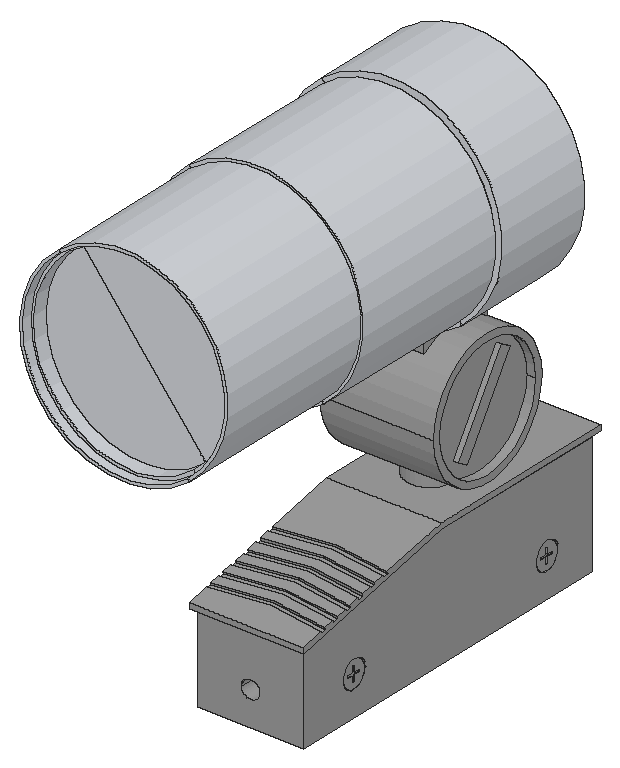
Revit family "TUBE GARDEN_JM6SW.1.36", category Luminarias, Revit 2019
Family settings
  Cota de conector redondo = Diámetro de uso
  Tipo de pieza = Normal
  Se basa en plano de trabajo = Sí
  Siempre vertical = No
  Corte con vacíos al cargar = No
  Origen de luz = Sí
  Compartido = No
  Punto de cálculo de habitación = No
Parameters (values of type "TUBE GARDEN_JM6SW.1.36")
  Ángulo de inclinación = 60.00°
  Zone [instance] = ""
  Watt per fixture = 7.4
  Wattage = 7.4 W
  built-in parameter 1150107 = 3000 (stored number, unit not read)
  built-in parameter 1150110 = 1 (stored number, unit not read)
  built-in parameter 1150109 = 1 (stored number, unit not read)
  built-in parameter 1150112 = 1 (stored number, unit not read)
  built-in parameter 1150113 = 1 (stored number, unit not read)
  built-in parameter 1114218 = 1 (stored number, unit not read)
  Keynote = ""
  built-in parameter 1150137 = (empty or 0)
  built-in parameter 1150132 = (empty or 0)
  Modelo = "JM6SW.1.36"
  Lámpara = "NICHIA"
  built-in parameter 1150105 = 46.892 (stored number, unit not read)
  built-in parameter 1150102 = (empty or 0)
  built-in parameter 1150106 = 0.46892 (stored number, unit not read)
  Lumens = 589.262 lm
  Color Filter = 16777215
  built-in parameter 1114217 = 1 (stored number, unit not read)
  built-in parameter 1150139 = (empty or 0)
  Fabricante = "BRILLANT"
  Default Elevation = 0 mm
  built-in parameter 1150104 = 7.3979 (stored number, unit not read)
  Descripción = "LUMINARIA DE JARDIN DIRIGIBLE CON DIFERENTES TIPOS DE SUJECION, CUERPO DE ALUMINIO FUNDIDO A PRESION CUBIERTO CON POLVO GRIS OSCURO Y VIDRIO TEMPLADO DE 4MM CON UN PESO DE 1KG, USO PARA INTERIORES Y EXTERIORES IP 66, 1 LED TIPO NICHIA CON UNA POTENCIA DE 7.4W, IRC 80, 593 LUMENES, TEMPERATURA EN BLANCO CALIDO 3000K, EFICIENCIA DE 79.63 LM/W, APERTURA DE 36 GRADOS POR PROYECTO, CABLE DE 1.9M H05RN-F, ALIMENTADO A 100-240V."
  built-in parameter 1150115 = 1 (stored number, unit not read)
  built-in parameter 1150114 = 1 (stored number, unit not read)
  Comentarios de vataje = "100-240V"
  built-in parameter 1150138 = (empty or 0)
  built-in parameter 1150134 = (empty or 0)
  Circuit [instance] = ""
  Dimming Lamp Color Temperature Shift = (empty or 0)
  Archivo de red fotométrica = "JM6SW.1_32º.ies"
  built-in parameter 1150133 = 10 (stored number, unit not read)
Reference planes
  plane 1 "Centro (Frontal/Posterior)": y = 0
  plane 2: z = 0
  plane 3 "Centro (Izquierda/Derecha)": x = 0
  plane 4: y = -61.917
  plane 5: y = 38.083
  plane 6: z = 35
  plane 7: z = 136
Forms (mm)
  Extrusion 1, solid, material "Aluminio"
    sketch origin (39.88, 0, 33.686) x (0, 0, 1) y (0, -1, 0)
      loop
        line (-33.825, 60.622) -> (-33.825, -36.369) -> (-1.361, -36.369) -> (-1.361, 15.603) -> (-10.93, 60.622) -> (-33.825, 60.622)
    from -54.278 to -25.483
  Revolve 2, solid
    sketch origin (61.33, -20.719, 30.253) x (-0.62932, 0, 0.777146) y (0, -1, 0)
      loop
        line (127.437, -35.031) -> (127.437, -7.435) -> (125.35, -7.435) -> (125.35, -6.354) -> (126.375, -6.354) -> (126.375, 38.021) -> (125.575, 38.021) -> (125.575, 82.636) -> (124.775, 82.636) -> (124.775, 79.943) -> (123.963, 79.943) -> (123.963, 75.975) -> (97.455, 75.975) -> (97.455, -36.864) -> (125.35, -36.864) -> (125.35, -35.031) -> (127.437, -35.031)
      axis (97.455, -36.864) -> (97.455, 82.636)
    angle from 0 to 360
  Extrusion 3, solid, material "Aluminio"
    sketch origin (0.356, 0, 14.678) x (0, 0, 1) y (0, -1, 0)
      loop
        circle (41.155, 0) r 18.092
      loop
        circle (41.155, 0) r 16.339
    from -15.819 to 15
  Extrusion 4, solid, material "Aluminio"
    sketch origin (0.356, 0, 14.678) x (0, 0, 1) y (0, -1, 0)
      loop
        circle (41.155, 0) r 16.339
    from -12.926 to 12.368
  Extrusion 5, solid, material "Aluminio"
    sketch origin (0.356, 0, 14.678) x (0, 0, 1) y (0, -1, 0)
      loop
        line (53.596, -5.944) -> (31.281, 8.548) -> (29.59, 5.944) -> (51.905, -8.548) -> (53.596, -5.944)
    from 12.368 to 14.042
  Extrusion 6, solid, material "Aluminio"
    sketch origin (-0.356, 0, 14.678) x (0, 0, 1) y (0, 1, 0)
      loop
        line (53.596, 5.944) -> (51.905, 8.548) -> (29.59, -5.944) -> (31.281, -8.548) -> (53.596, 5.944)
    from 12.368 to 14.042
  Extrusion 7, solid, material "Aluminio"
    sketch origin (-8.138, 0, 16.682) x (0, 0, 1) y (0, -1, 0)
      loop
        line (61.699, 10.674) -> (53.75, 10.674)
        arc (53.75, 10.674) -> (57.104, 0.102) -> (53.75, -10.47) r 18.336
        line (53.75, -10.47) -> (61.699, -10.47) -> (61.699, 10.674)
    from 1.534 to 14.765
  Extrusion 8, solid, material "Aluminio"
    sketch origin (0, 0, 0) x (1, 0, 0) y (0, 1, 0)
      loop
        circle (0, 0) r 6.607
    from 35 to 39.074
  Extrusion 9, solid, material "Aluminio"
    sketch origin (39.88, 0.947, 34.633) x (0, 0, 1) y (0, -1, 0)
      loop
        line (-1.133, -37.136) -> (0.367, -37.136) -> (0.367, 16.522) -> (-9.484, 62.864) -> (-10.984, 62.864) -> (-1.133, 16.522) -> (-1.133, -37.136)
    from -55.344 to -24.525
  Extrusion 10, void
    sketch origin (0, 1.025, 6.176) x (1, 0, 0) y (0, 0.978012, 0.208547)
      loop
        line (-21.529, -31.26) -> (0, -28.617) -> (21.507, -31.257) -> (21.507, -29.746) -> (0, -27.105) -> (-21.529, -29.749) -> (-21.529, -31.26)
    from 31.104 to 32.437
  Extrusion 11, void
    sketch origin (0, -3.127, 5.294) x (1, 0, 0) y (0, 0.978012, 0.208547)
      loop
        line (-21.529, -31.26) -> (0, -28.617) -> (21.507, -31.257) -> (21.507, -29.746) -> (0, -27.105) -> (-21.529, -29.749) -> (-21.529, -31.26)
    from 31.104 to 32.437
  Extrusion 12, void
    sketch origin (0, -7.292, 4.406) x (1, 0, 0) y (0, 0.978012, 0.208547)
      loop
        line (-21.529, -31.26) -> (0, -28.617) -> (21.507, -31.257) -> (21.507, -29.746) -> (0, -27.105) -> (-21.529, -29.749) -> (-21.529, -31.26)
    from 31.104 to 32.437
  Extrusion 13, void
    sketch origin (0, -11.443, 3.52) x (1, 0, 0) y (0, 0.978012, 0.208547)
      loop
        line (-21.529, -31.26) -> (0, -28.617) -> (21.507, -31.257) -> (21.507, -29.746) -> (0, -27.105) -> (-21.529, -29.749) -> (-21.529, -31.26)
    from 31.104 to 32.437
  Extrusion 14, void
    sketch origin (0, -15.611, 2.632) x (1, 0, 0) y (0, 0.978012, 0.208547)
      loop
        line (-21.529, -31.26) -> (0, -28.617) -> (21.507, -31.257) -> (21.507, -29.746) -> (0, -27.105) -> (-21.529, -29.749) -> (-21.529, -31.26)
    from 31.104 to 32.437
  Extrusion 15, void
    sketch origin (0, -19.773, 1.744) x (1, 0, 0) y (0, 0.978012, 0.208547)
      loop
        line (-21.529, -31.26) -> (0, -28.617) -> (21.507, -31.257) -> (21.507, -29.746) -> (0, -27.105) -> (-21.529, -29.749) -> (-21.529, -31.26)
    from 31.104 to 32.437
  Extrusion 16, void
    sketch origin (0, 0, 0) x (1, 0, 0) y (0, 0, 1)
      loop
        circle (0, 9.003) r 2.52
    from -37.016 to 61.917
  Extrusion 17, void
    sketch origin (13.624, 0, 26.957) x (0, 0, 1) y (0, -1, 0)
      loop
        circle (-16.558, 43.85) r 3.807
      loop
        circle (-16.558, -21.15) r 3.807
    from 0 to 1.376
  Extrusion 18, void
    sketch origin (-13.624, 0, 26.957) x (0, 0, 1) y (0, 1, 0)
      loop
        circle (-16.558, -43.85) r 3.807
      loop
        circle (-16.558, 21.15) r 3.807
    from 0 to 1.376
  Extrusion 19, solid, material "Aluminio"
    sketch origin (39.88, 0.947, 24.633) x (0, 0, 1) y (0, -1, 0)
      loop
        circle (-14.235, 44.797) r 3.604
      loop
        line (-12.053, 45.203) -> (-13.83, 45.203) -> (-13.83, 46.979) -> (-14.64, 46.979) -> (-14.64, 45.203) -> (-16.417, 45.203) -> (-16.417, 44.392) -> (-14.64, 44.392) -> (-14.64, 42.616) -> (-13.83, 42.616) -> (-13.83, 44.392) -> (-12.053, 44.392) -> (-12.053, 45.203)
      loop
        circle (-14.235, -20.203) r 3.604
      loop
        line (-12.053, -19.797) -> (-13.83, -19.797) -> (-13.83, -18.021) -> (-14.64, -18.021) -> (-14.64, -19.797) -> (-16.417, -19.797) -> (-16.417, -20.608) -> (-14.64, -20.608) -> (-14.64, -22.384) -> (-13.83, -22.384) -> (-13.83, -20.608) -> (-12.053, -20.608) -> (-12.053, -19.797)
    from -26.256 to -25.674
  Extrusion 20, solid, material "Aluminio"
    sketch origin (-39.88, 0.947, 24.633) x (0, 0, 1) y (0, 1, 0)
      loop
        circle (-14.235, -44.797) r 3.604
      loop
        line (-12.053, -45.203) -> (-12.053, -44.392) -> (-13.83, -44.392) -> (-13.83, -42.616) -> (-14.64, -42.616) -> (-14.64, -44.392) -> (-16.417, -44.392) -> (-16.417, -45.203) -> (-14.64, -45.203) -> (-14.64, -46.979) -> (-13.83, -46.979) -> (-13.83, -45.203) -> (-12.053, -45.203)
      loop
        circle (-14.235, 20.203) r 3.604
      loop
        line (-12.053, 19.797) -> (-12.053, 20.608) -> (-13.83, 20.608) -> (-13.83, 22.384) -> (-14.64, 22.384) -> (-14.64, 20.608) -> (-16.417, 20.608) -> (-16.417, 19.797) -> (-14.64, 19.797) -> (-14.64, 18.021) -> (-13.83, 18.021) -> (-13.83, 19.797) -> (-12.053, 19.797)
    from -26.256 to -25.674
  Extrusion 21, void
    sketch origin (0, 0, 0) x (1, 0, 0) y (0, 0, 1)
      loop
        circle (-7.163, 17.402) r 6.005
      loop
        circle (-7.163, 17.402) r 5.658
      loop
        circle (-9.606, 17.402) r 0.823
      loop
        circle (-4.719, 17.402) r 0.823
    from -37.016 to -35.635
  Extrusion 22, void
    sketch origin (0, 0, 0) x (-1, 0, 0) y (0, 0, -1)
      loop
        circle (-7.163, -17.402) r 6.005
      loop
        circle (-7.163, -17.402) r 5.658
      loop
        circle (-9.606, -17.402) r 0.823
      loop
        circle (-4.719, -17.402) r 0.823
    from -37.016 to -35.635
Cuts and joins
  Extrusion 10, Extrusion 11, Extrusion 12, Extrusion 13, Extrusion 14, Extrusion 15 cuts Extrusion 9
  Extrusion 16, Extrusion 17, Extrusion 18, Extrusion 21, Extrusion 22 cuts Extrusion 1
Dimensions and locks
  plane 4 to plane 5 = 100 mm
  plane 6 to level = 35 mm
  plane 7 to level = 136 mm
  Revolve 2 to Revolve 2 = 119.5 mm
  Revolve 2 sketch curve to Revolve 2 sketch curve = 23.301 mm
  aligned and locked: level to plane 2
Connectors
  electrical at (0, 36.369, 16.093)
    settings: on cut or joined group of Extrusion 1, Extrusion 16, Extrusion 17, Extrusion 18, Extrusion 21, Extrusion 22, index 1, voltage 240 V, apparent load 0 VA, apparent load phase1 0 VA, apparent load phase2 0 VA, apparent load phase3 0 VA, power factor 1, load classification "Otro", number of poles 1, system type 31, power factor state 1, is connector primary yes, connector utility no, sub classification motor no, connector description ""
